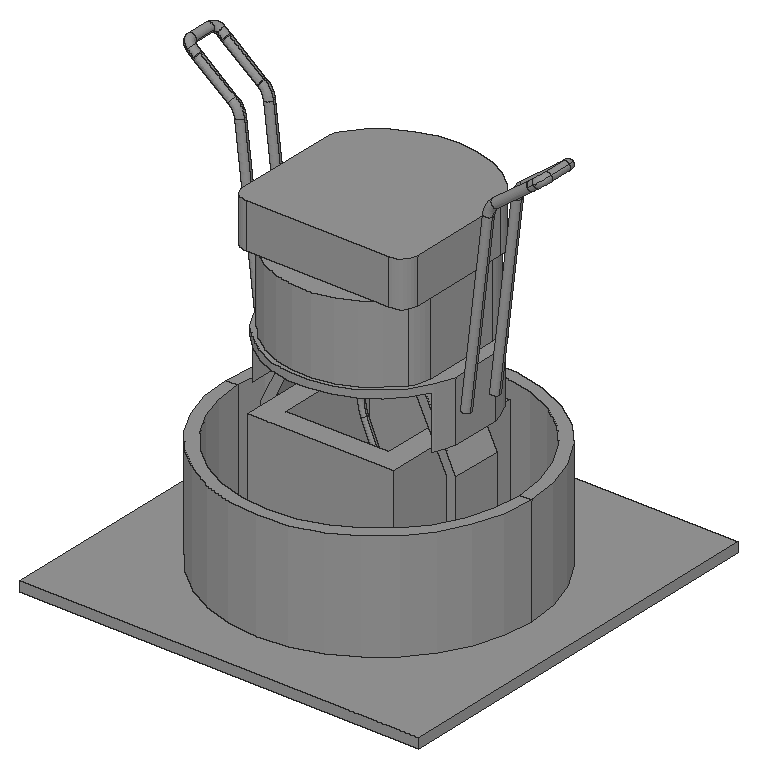
Revit family "Alcon-14142-S-ADJ-Revit-Family", category Lighting Fixtures, host Ceiling, Revit 2021
Family settings
  Host = Ceiling
  Round Connector Dimension = Use Diameter
  Part Type = Normal
  Always vertical = Yes
  Cut with Voids When Loaded = No
  Light Source = Yes
  Shared = No
  Room Calculation Point = No
Parameters
  Wattage = 9.2903 W
  built-in parameter 1150110 = 1 (stored number, unit not read)
  built-in parameter 1114217 = 1 (stored number, unit not read)
  Tilt Angle = 60.00°
  built-in parameter 1150109 = 1 (stored number, unit not read)
  built-in parameter 1150134 = 3
  built-in parameter 1150113 = 1 (stored number, unit not read)
  built-in parameter 1010507 = 1.5708 (stored number, unit not read)
  built-in parameter 1010506 = 0.5236 (stored number, unit not read)
  Reflector = Metal
  Product Identity = "Alcon Light 14142-S-ADJ"
  Metal = Metal
  Manufacturer = "Alcon Light"
  built-in parameter 1150105 = 4614.1 (stored number, unit not read)
  Lumens = 1380 lm
  built-in parameter 1150115 = 1 (stored number, unit not read)
  Link To Product Page = "https://www.alconlighting.com/14142-recessed-1-inch-adjustable-square-led.html"
  Light Source Symbol Length = 10' - 0"
  Light Source = Light
  built-in parameter 1150137 = (empty or 0)
  built-in parameter 1150139 = (empty or 0)
  built-in parameter 1150112 = 1 (stored number, unit not read)
  built-in parameter 1150114 = 1 (stored number, unit not read)
  built-in parameter 1150132 = (empty or 0)
  built-in parameter 1150102 = (empty or 0)
  built-in parameter 1150107 = 3200 (stored number, unit not read)
  built-in parameter 1150138 = (empty or 0)
  built-in parameter 1150106 = 46.141 (stored number, unit not read)
  Housing = Default
  built-in parameter 1150104 = 13.8 (stored number, unit not read)
  Dimming Lamp Color Temperature Shift = (empty or 0)
  Default Elevation = 0' - 0"
  Color Filter = 16777215
  built-in parameter 1114218 = 1 (stored number, unit not read)
  built-in parameter 1150133 = 10 (stored number, unit not read)
Reference planes (in)
  plane 1 "Center (Front/Back)": y = 0
  plane 2 "Ceiling": z = 96
  plane 3 "Center (Left/Right)": x = 0
Forms (in)
  Extrusion 1, solid, material "Default" <- "Housing"
    sketch origin (0, 0, 96) x (1, 0, 0) y (0, 1, 0)
      loop
        arc (-0.52544, -0.40111) -> (0, -0.66104) -> (0.52544, -0.40111) r 0.66104
        arc (0.52544, -0.40111) -> (0.55879, -0.33844) -> (0.57031, -0.26838) r 0.21875
        line (0.57031, -0.26838) -> (0.57031, 0.26838)
        arc (0.57031, 0.26838) -> (0.55879, 0.33844) -> (0.52544, 0.40111) r 0.21875
        arc (0.52544, 0.40111) -> (-0.00038, 0.66104) -> (-0.5259, 0.4005) r 0.66104
        arc (-0.5259, 0.4005) -> (-0.55891, 0.33834) -> (-0.57031, 0.26889) r 0.21723
        line (-0.57031, 0.26889) -> (-0.57031, -0.26838)
        arc (-0.57031, -0.26838) -> (-0.55879, -0.33844) -> (-0.52544, -0.40111) r 0.21875
    from 1.4771 to 2.00361
  Extrusion 2, solid, material "Default" <- "Housing"
    sketch origin (0, 0, 100.2928) x (0, -1, 0) y (1, 0, 0)
      loop
        arc (-0.3841, 0.57596) -> (-0.69229, -0.0003) -> (-0.3836, -0.5763) r 0.69229
        arc (-0.3836, -0.5763) -> (-0.34369, -0.59511) -> (-0.30005, -0.60156) r 0.15078
        line (-0.30005, -0.60156) -> (0.41575, -0.60156)
        arc (0.41575, -0.60156) -> (0.49309, -0.56953) -> (0.52512, -0.49219) r 0.10938
        line (0.52512, -0.49219) -> (0.52512, 0.49096)
        arc (0.52512, 0.49096) -> (0.49273, 0.56917) -> (0.41452, 0.60156) r 0.1106
        line (0.41452, 0.60156) -> (-0.29958, 0.60156)
        arc (-0.29958, 0.60156) -> (-0.34374, 0.59502) -> (-0.3841, 0.57596) r 0.15234
    from -2.28919 to -1.9803
  Sweep 3, solid, material "Metal" <- "Metal"
    path origin (0, 0, -0.09975) x (1, 0, 0) y (0, 0, -1)
      loop
        line (0.70144, -97.36537) -> (0.85672, -98.63)
        arc (0.85672, -98.63) -> (0.87262, -98.67823) -> (0.90577, -98.71671) r 0.13015
        line (0.90577, -98.71671) -> (1.14942, -98.90706)
    profile origin (0.77908, 0, 97.89794) x (0.992546, 0, -0.121869) y (0, 1, 0)
      loop
        circle (0, 0.125) r 0.02995
  Sweep 4, solid, material "Metal" <- "Metal"
    path origin (0, 0, -0.09975) x (-1, 0, 0) y (0, 0, 1)
      loop
        line (0.70144, 97.36537) -> (0.85672, 98.63)
        arc (0.85672, 98.63) -> (0.87262, 98.67823) -> (0.90577, 98.71671) r 0.13015
        line (0.90577, 98.71671) -> (1.14942, 98.90706)
    profile origin (-0.77908, 0, 97.89794) x (0.992546, 0, 0.121869) y (0, 1, 0)
      loop
        circle (0, 0.125) r 0.02995
  Extrusion 5, solid, material "Default" <- "Housing"
    sketch origin (0, 0, 95.66322) x (1, 0, 0) y (0, 1, 0)
      loop
        arc (0.67043, 0.17262) -> (0, 0.69229) -> (-0.67043, 0.17262) r 0.69229
        line (-0.67043, 0.17262) -> (-0.67043, -0.17262)
        arc (-0.67043, -0.17262) -> (0, -0.69229) -> (0.67043, -0.17262) r 0.69229
        line (0.67043, -0.17262) -> (0.67043, 0.17262)
    from 1.39822 to 1.81389
  Extrusion 6, void
    sketch origin (0, 0, -0.38723) x (1, 0, 0) y (0, 0, 1)
      loop
        line (-0.61719, 97.81389) -> (-0.61719, 97.31646) -> (0.61719, 97.31646) -> (0.61719, 97.81389) -> (-0.61719, 97.81389)
    from -0.74739 to 0.74739
  Sweep 7, solid, material "Metal" <- "Metal"
    path origin (0, 0, -0.09975) x (1, 0, 0) y (0, 0, 1)
      loop
        line (0.70144, 97.36537) -> (0.85672, 98.63)
        arc (0.85672, 98.63) -> (0.87262, 98.67823) -> (0.90577, 98.71671) r 0.13015
        line (0.90577, 98.71671) -> (1.14942, 98.90706)
    profile origin (0.77908, 0, 97.89794) x (-0.992546, 0, 0.121869) y (0, -1, 0)
      loop
        circle (0, 0.125) r 0.02995
  Sweep 8, solid, material "Metal" <- "Metal"
    path origin (0.22913, 0, 98.08831) x (0.788011, 0, 0.615661) y (0, 1, 0)
      loop
        line (1.16786, 0.125) -> (1.21887, 0.125)
        arc (1.21887, 0.125) -> (1.25312, 0.11081) -> (1.2673, 0.07657) r 0.04843
        line (1.2673, 0.07657) -> (1.2673, -0.07868)
        arc (1.2673, -0.07868) -> (1.25374, -0.11143) -> (1.22098, -0.125) r 0.04632
        line (1.22098, -0.125) -> (1.16786, -0.125)
    profile origin (1.22778, -0.00105, 98.86854) x (0.788011, 0, 0.615661) y (-0.615661, 0, 0.788011)
      loop
        circle (0, 0) r 0.02995
  Sweep 9, solid, material "Metal" <- "Metal"
    path origin (0, 0, -0.09975) x (-1, 0, 0) y (0, 0, -1)
      loop
        line (0.70144, -97.36537) -> (0.85672, -98.63)
        arc (0.85672, -98.63) -> (0.87262, -98.67823) -> (0.90577, -98.71671) r 0.13015
        line (0.90577, -98.71671) -> (1.14942, -98.90706)
    profile origin (-0.77908, 0, 97.89794) x (-0.992546, 0, -0.121869) y (0, -1, 0)
      loop
        circle (0, 0.125) r 0.02995
  Sweep 10, solid, material "Metal" <- "Metal"
    path origin (-0.22913, 0, 98.08831) x (-0.788011, 0, 0.615661) y (0, -1, 0)
      loop
        line (1.16786, -0.125) -> (1.21887, -0.125)
        arc (1.21887, -0.125) -> (1.25312, -0.11081) -> (1.2673, -0.07657) r 0.04843
        line (1.2673, -0.07657) -> (1.2673, 0.07868)
        arc (1.2673, 0.07868) -> (1.25374, 0.11143) -> (1.22098, 0.125) r 0.04632
        line (1.22098, 0.125) -> (1.16786, 0.125)
    profile origin (-1.22778, -0.00105, 98.86854) x (0.788011, 0, -0.615661) y (0.615661, 0, 0.788011)
      loop
        circle (0, 0) r 0.02995
  Revolve 11, solid, material "Default" <- "Housing"
    sketch origin (0, 0, 0) x (1, 0, 0) y (0, 0, 1)
      loop
        line (1.05229, 96.02948) -> (1.05229, 96.77841) -> (0.9699, 96.77841) -> (0.9699, 96.02948) -> (1.05229, 96.02948)
      axis (0, 96.02948) -> (0, 96.77841)
    angle from 0 to 360
  Extrusion 12, solid, material "Light" <- "Light Source"
    sketch origin (0, 0, 96.07113) x (1, 0, 0) y (0, -1, 0)
      loop
        circle (0, 0) r 0.31359
    from -0.11452 to 0
  Sweep 13, solid, material "Default" <- "Housing"
    path origin (0.01562, 0, -0.27948) x (1, 0, 0) y (0, 0, 1)
      loop
        line (-0.03218, 96.98141) -> (-0.11466, 97.17572)
        arc (-0.11466, 97.17572) -> (-0.13406, 97.28876) -> (-0.10095, 97.39857) r 0.25
        line (-0.10095, 97.39857) -> (-0.06078, 97.46801)
        arc (-0.06078, 97.46801) -> (-0.01307, 97.58656) -> (-0.00041, 97.71373) r 0.45241
    profile origin (-0.05779, 0, 96.79909) x (-0.920505, 0, -0.390731) y (0, -1, 0)
      loop
        circle (0, 0) r 0.01979
  Extrusion 14, solid, material "Metal" <- "Metal"
    sketch origin (0, 0, 0.13717) x (1, 0, 0) y (0, 0, 1)
      loop
        line (-0.60972, 96.04847) -> (-0.60972, 96.71182) -> (-0.36205, 97.21961) -> (0.36159, 97.21961) -> (0.60972, 96.71087) -> (0.60972, 96.04847) -> (0.67222, 96.04847) -> (0.67222, 96.7253) -> (0.39705, 97.28948) -> (-0.39751, 97.28948) -> (-0.67222, 96.72625) -> (-0.67222, 96.04847) -> (-0.60972, 96.04847)
    from -0.17262 to 0.17262
  Extrusion 15, void
    sketch origin (0, 0, 95.80905) x (1, 0, 0) y (0, 1, 0)
      loop
        circle (0, 0) r 0.09319
    from 1.54773 to 1.61761
  Sweep 16, solid, material "Default" <- "Housing"
    path origin (0, 0, 96) x (1, 0, 0) y (0, 1, 0)
      loop
        line (-1.375, -1.375) -> (1.375, -1.375) -> (1.375, 1.375) -> (-1.375, 1.375) -> (-1.375, -1.375)
    profile origin (-1.375, 0, 96) x (-1, 0, 0) y (0, 0, 1)
      loop
        line (-0.6875, -0.03728) -> (-0.58198, -0.06555) -> (0, -0.03728) -> (0, 0.02948) -> (-0.6875, 0.02948) -> (-0.6875, -0.03728)
  Sweep 17, solid, material "Default" <- "Housing"
    path origin (0, 0, 96) x (1, 0, 0) y (0, 1, 0)
      loop
        line (-1.375, -1.375) -> (1.375, -1.375) -> (1.375, 1.375) -> (-1.375, 1.375) -> (-1.375, -1.375)
    profile origin (-1.375, 0, 96) x (-1, 0, 0) y (0, 0, 1)
      loop
        line (-0.6875, 0.18565) -> (-1.01844, 0.18565) -> (-1.01844, 0.07113) -> (-0.78957, -0.10611) -> (-0.6875, -0.10611) -> (-0.6875, 0.18565)
  Extrusion 18, solid, material "Default" <- "Housing"
    sketch origin (0, 0, 96.07113) x (0, 1, 0) y (1, 0, 0)
      loop
        line (0.35656, 0.35656) -> (-0.35656, 0.35656) -> (-0.35656, -0.35656) -> (0.35656, -0.35656) -> (0.35656, 0.35656)
      loop
        circle (0, 0) r 0.31359
    from -0.11452 to 0
  Extrusion 19, solid, material "Default" <- "Housing"
    sketch origin (0, 0, 96.07113) x (0, 1, 0) y (1, 0, 0)
      loop
        line (0.35656, 0.35656) -> (-0.35656, 0.35656) -> (-0.35656, -0.35656) -> (0.35656, -0.35656) -> (0.35656, 0.35656)
      loop
        line (0.50109, -0.50109) -> (0.50109, 0.50109) -> (-0.50109, 0.50109) -> (-0.50109, -0.50109) -> (0.50109, -0.50109)
    from -0.91563 to -0.11452
  Extrusion 20, void
    sketch origin (0, 0, 96) x (1, 0, 0) y (0, 1, 0)
      loop
        line (-1.375, -1.375) -> (1.375, -1.375) -> (1.375, 1.375) -> (-1.375, 1.375) -> (-1.375, -1.375)
    from -0.2186 to 0.75
Cuts and joins
  Extrusion 6 cuts Extrusion 1
  Extrusion 15 cuts Extrusion 14
  Extrusion 6 cuts Extrusion 5
Lines and regions (in)
  symbolic lines
    curve 1: circle (0, 0, 96) r 1.125 normal (0, 0, 1)
Dimensions and locks (in)
  equal spacing: host sketch curve, plane 3 "Center (Left/Right)", host sketch curve
  equal spacing: host sketch curve, plane 1 "Center (Front/Back)", host sketch curve
  host sketch curve to host sketch curve = 10' - 0"  (x2)
  Extrusion 2 to plane 2 "Ceiling" = 0' - 2 5/16"
  Sweep 16 to Sweep 16 = 0' - 2 3/4"
